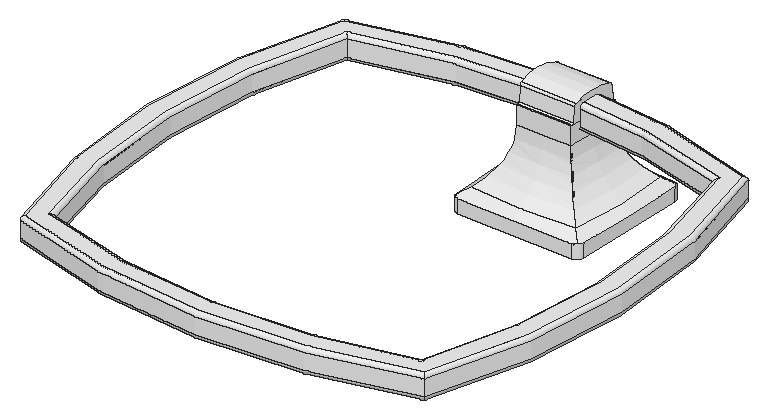
Revit family "Towel_Ring-American_Standard-Townsend-7353190_Series", category Specialty Equipment, host Face, Revit 2019
Family settings
  Host = Face
  Round Connector Dimension = Use Diameter
  Part Type = Normal
  OmniClass Number = 23.40.20.21.27
  OmniClass Title = Towel Bars
  Cut with Voids When Loaded = No
  Shared = Yes
  Room Calculation Point = No
Parameters (values of type "7353190.002")
  Width = 1 3/4"
  Warranty Information = "Limited lifetime warranty"
  URL = "https://www.americanstandard-us.com/"
  Type Comments = ""
  Revised Date = "02/19/2024"  # constant formula
  Product Page URL = "https://www.americanstandard-us.com/Towel-Rings/Townsend-Towel-Ring/CHROME-7353190002"
  Product Documentation Link = "https://lixil.cdn.celum.cloud/166535_spec_7353190_Townsend_towel_ring_original.pdf"
  Model = "7353190.002"
  Material = "Metal-American Standard-002-Polished Chrome"
  Manufacturer = "American Standard"  # constant formula
  Length = 6 7/8"
  Installation Type = "Wall Mounted"  # constant formula
  Installation Instruction Link = "https://lixil.cdn.celum.cloud/167911_as_us_bath_install__7353%20(5031)_original.pdf"
  Height = 8 1/8"
  Finish = Metal-American Standard-002-Polished Chrome
  Description = "Townsend® Towel Ring"
  Default Elevation = 48"  # constant formula
  Creation Date = "04/27/2023"  # constant formula
  Assembly Code = "C1030200"
Types (7): name | Product Page URL | Model | Material | Finish
  (no name) | "https://www.americanstandard-us.com/Towel-Rings/Townsend-Towel-Ring/CHROME-7353190002" | "7353190.002" | "Metal-American Standard-002-Polished Chrome" | Metal-American Standard-002-Polished Chrome
  7353190.002 | "https://www.americanstandard-us.com/Towel-Rings/Townsend-Towel-Ring/CHROME-7353190002" | "7353190.002" | "Metal-American Standard-002-Polished Chrome" | Metal-American Standard-002-Polished Chrome
  7353190.243 | "https://www.americanstandard-us.com/Towel-Rings/Townsend-Towel-Ring/MATTE-BLACK-7353190243" | "7353190.243" | "Metal-American Standard-243-Matte Black" | Metal-American Standard-243-Matte Black
  7353190.013 | "https://www.americanstandard-us.com/Towel-Rings/Townsend-Towel-Ring/POLISHED-NICKEL-7353190013" | "7353190.013" | "Metal-American Standard-013-Polished Nickel" | Metal-American Standard-013-Polished Nickel
  7353190.295 | "https://www.americanstandard-us.com/Towel-Rings/Townsend-Towel-Ring/BRUSHED-NICKEL-7353190295" | "7353190.295" | "Metal-American Standard-295-Brushed Nickel" | Metal-American Standard-295-Brushed Nickel
  7353190.278 | "https://www.americanstandard-us.com/Towel-Rings/Townsend-Towel-Ring/LEGACY-BRONZE-7353190278" | "7353190.278" | "Metal-American Standard-278-Legacy Bronze" | Metal-American Standard-278-Legacy Bronze
  7353190.GN0 | "https://www.americanstandard-us.com/towel-rings/townsend-towel-ring/grohe-brushed-cool-sunrise-7353190gn0" | "7353190.GN0" | "Metal-American Standard-GN0-Brushed Cool Sunrise" | Metal-American Standard-GN0-Brushed Cool Sunrise
Reference planes (in)
  plane 1 "Center (Front/Back)": y = 0
  plane 2: z = 0
  plane 3 "Center (Left/Right)": x = -0.00133
  plane 4: z = 1.75
  plane 5: x = -3.43883
  plane 6: x = 3.43617
  plane 7: y = -0.0625
  plane 8: x = -1.00133
  plane 9: x = 0.99867
  plane 10: y = 1
  plane 11: y = -1
  plane 12: y = -7.125
Forms (in)
  Sweep 1, solid, material "Metal-American Standard-002-Polished Chrome" <- "Finish"
    path origin (0, 0, 0) x (1, 0, 0) y (0, 1, 0)
      loop
        arc (-0.93565, 0.93432) -> (-1.00133, 0) -> (-0.93565, -0.93432) r 6.67842
        arc (-0.93565, -0.93432) -> (-0.00133, -1) -> (0.93299, -0.93432) r 6.67842
        arc (0.93299, -0.93432) -> (0.99867, 0) -> (0.93299, 0.93432) r 6.67842
        arc (0.93299, 0.93432) -> (-0.00133, 1) -> (-0.93565, 0.93432) r 6.67842
    profile origin (-0.00133, 1, 0) x (0, 1, 0) y (0, 0, 1)
      loop
        line (0.14844, 0) -> (0.14844, 0.08057)
        arc (0.14844, 0.08057) -> (0.14043, 0.11329) -> (0.11822, 0.13862) r 0.07087
        line (0.11822, 0.13862) -> (-0.14438, 0.32249)
        arc (-0.14438, 0.32249) -> (-0.45781, 0.67989) -> (-0.5708, 1.14164) r 1
        line (-0.5708, 1.14164) -> (-0.5708, 1.41612) -> (-0.84775, 1.41612) -> (-0.84775, 0) -> (0.14844, 0)
  Extrusion 2, solid, material "Metal-American Standard-002-Polished Chrome" <- "Finish"
    sketch origin (-0.00133, 11.47935, 0) x (0, 1, 0) y (0, 0, 1)
      loop
        line (-11.87074, 1.41612) -> (-11.08132, 1.41612)
        arc (-11.08132, 1.41612) -> (-11.09648, 1.42194) -> (-11.10385, 1.43641) r 0.02265
        line (-11.10385, 1.43641) -> (-11.12571, 1.64436)
        arc (-11.12571, 1.64436) -> (-11.13453, 1.66733) -> (-11.15367, 1.6828) r 0.04749
        arc (-11.15367, 1.6828) -> (-11.47616, 1.75107) -> (-11.79858, 1.68251) r 0.79415
        arc (-11.79858, 1.68251) -> (-11.81721, 1.66743) -> (-11.8258, 1.64505) r 0.0463
        line (-11.8258, 1.64505) -> (-11.84768, 1.43688)
        arc (-11.84768, 1.43688) -> (-11.85523, 1.42208) -> (-11.87074, 1.41612) r 0.02318
    from -0.45616 to 0.46067
  Sweep 3, solid, material "Metal-American Standard-002-Polished Chrome" <- "Finish"
    path origin (0, -0.11364, 0) x (1, 0, 0) y (0, 1, 0)
      loop
        arc (-2.81924, -0.56354) -> (-3.28679, -3.37137) -> (-2.81924, -6.17921) r 8.66484
        arc (-2.81924, -6.17921) -> (-0.00133, -6.63621) -> (2.81659, -6.17921) r 8.91619
        arc (2.81659, -6.17921) -> (3.28414, -3.37137) -> (2.81659, -0.56354) r 8.66484
        arc (2.81659, -0.56354) -> (-0.00133, -0.10654) -> (-2.81924, -0.56354) r 8.91619
    profile origin (-3.28679, -3.48502, 0) x (1, 0, 0) y (0, 0, 1)
      loop
        arc (-0.0625, 1.27536) -> (-0.01831, 1.29366) -> (0, 1.33786) r 0.0625
        line (0, 1.33786) -> (0, 1.58786)
        arc (0, 1.58786) -> (-0.01831, 1.63205) -> (-0.0625, 1.65036) r 0.0625
        line (-0.0625, 1.65036) -> (-0.3125, 1.65036)
        arc (-0.3125, 1.65036) -> (-0.35669, 1.63205) -> (-0.375, 1.58786) r 0.0625
        line (-0.375, 1.58786) -> (-0.375, 1.33786)
        arc (-0.375, 1.33786) -> (-0.35669, 1.29366) -> (-0.3125, 1.27536) r 0.0625
        line (-0.3125, 1.27536) -> (-0.0625, 1.27536)
  Extrusion 4, void
    sketch origin (0, 0, 0) x (1, 0, 0) y (0, 1, 0)
      loop
        arc (-0.4164, -0.41508) -> (-0.00133, -0.4292) -> (0.41375, -0.41508) r 6.10762
        arc (0.41375, -0.41508) -> (0.42787, 0) -> (0.41375, 0.41508) r 6.10762
        arc (0.41375, 0.41508) -> (-0.00133, 0.4292) -> (-0.4164, 0.41508) r 6.10762
        arc (-0.4164, 0.41508) -> (-0.43053, 0) -> (-0.4164, -0.41508) r 6.10762
      loop
        line (-0.5572, -0.52664) -> (0.51143, -0.52664) -> (0.51143, 0.47336) -> (-0.5572, 0.47336) -> (-0.5572, -0.52664)
    from 1.41612 to 1.80737
  Extrusion 5, void
    sketch origin (0, 0, 0) x (1, 0, 0) y (0, 1, 0)
      loop
        line (-1.16533, 1.17215) -> (-1.16533, -1.19866) -> (1.16268, -1.19866) -> (1.16268, 1.17215) -> (-1.16533, 1.17215)
      loop
        arc (-0.87964, 0.9729) -> (-0.94529, 0.94331) -> (-0.97483, 0.87764) r 0.10157
        arc (-0.97483, 0.87764) -> (-1.00133, 0) -> (-0.97483, -0.87765) r 14.54447
        arc (-0.97483, -0.87765) -> (-0.94529, -0.94331) -> (-0.87965, -0.9729) r 0.10156
        arc (-0.87965, -0.9729) -> (-0.00145, -1) -> (0.87679, -0.97403) r 14.54447
        arc (0.87679, -0.97403) -> (0.94252, -0.94449) -> (0.9721, -0.87878) r 0.10156
        arc (0.9721, -0.87878) -> (0.99867, 0) -> (0.9721, 0.87878) r 14.54447
        arc (0.9721, 0.87878) -> (0.94252, 0.94449) -> (0.87679, 0.97403) r 0.10156
        arc (0.87679, 0.97403) -> (-0.00144, 1) -> (-0.87964, 0.9729) r 14.54447
    from 0 to 0.38206
Cuts and joins
  Extrusion 5 cuts Sweep 1
  Extrusion 4 cuts Extrusion 2
  joined: Sweep 1, Extrusion 2
Lines and regions (in)
  Masking region 1
    outline origin (0, 0, 0) x (1, 0, 0) y (0, 0, 1)
      loop
        line (-1.00133, 0) -> (0.99868, 0) -> (0.99868, 0.22139)
        arc (0.99868, 0.22139) -> (0.58178, 0.60944) -> (0.42781, 1.15779) r 1.05343
        line (0.42781, 1.15779) -> (0.42781, 1.2745) -> (3.5962, 1.2745)
        arc (3.5962, 1.2745) -> (3.64016, 1.29271) -> (3.65837, 1.33667) r 0.06217
        line (3.65837, 1.33667) -> (3.65837, 1.58931)
        arc (3.65837, 1.58931) -> (3.64048, 1.63249) -> (3.59729, 1.65038) r 0.06108
        line (3.59729, 1.65038) -> (0.42781, 1.65038) -> (0.42781, 1.75106) -> (-0.43046, 1.75106) -> (-0.43046, 1.65038) -> (-3.59994, 1.65038)
        arc (-3.59994, 1.65038) -> (-3.64313, 1.63249) -> (-3.66102, 1.58931) r 0.06108
        line (-3.66102, 1.58931) -> (-3.66102, 1.33667)
        arc (-3.66102, 1.33667) -> (-3.64281, 1.29271) -> (-3.59885, 1.2745) r 0.06217
        line (-3.59885, 1.2745) -> (-0.43046, 1.2745) -> (-0.43046, 1.15942)
        arc (-0.43046, 1.15942) -> (-0.5844, 0.61038) -> (-1.00133, 0.22139) r 1.05611
        line (-1.00133, 0.22139) -> (-1.00133, 0)
  symbolic lines, detail levels medium+fine
    curve 1: line (3.1097, 0, 1.33397) -> (3.1097, 0, 1.59144)
    curve 2: spline (3.1097, 0, 1.59144) -> (3.10869, 0, 1.59959) -> (3.10696, 0, 1.6075) -> (3.10455, 0, 1.61503) -> (3.10148, 0, 1.62207) -> (3.09781, 0, 1.6285) -> (3.09359, 0, 1.63423) -> (3.0889, 0, 1.63917) -> (3.0838, 0, 1.64323) -> (3.07838, 0, 1.64636) -> (3.07272, 0, 1.6485) -> (3.0669, 0, 1.64962) -> (3.06103, 0, 1.64971)
    curve 3: spline (3.06105, 0, 1.27571) -> (3.06687, 0, 1.2758) -> (3.07264, 0, 1.27692) -> (3.07827, 0, 1.27906) -> (3.08367, 0, 1.28218) -> (3.08875, 0, 1.28625) -> (3.09344, 0, 1.29118) -> (3.09766, 0, 1.29691) -> (3.10134, 0, 1.30334) -> (3.10443, 0, 1.31038) -> (3.10688, 0, 1.31791) -> (3.10864, 0, 1.32581) -> (3.1097, 0, 1.33397)
    curve 4: line (-3.11235, 0, 1.33396) -> (-3.11235, 0, 1.59206)
    curve 5: spline (-3.11235, 0, 1.59206) -> (-3.11132, 0, 1.60018) -> (-3.10957, 0, 1.60805) -> (-3.10714, 0, 1.61554) -> (-3.10406, 0, 1.62254) -> (-3.10039, 0, 1.62894) -> (-3.09618, 0, 1.63464) -> (-3.09149, 0, 1.63954) -> (-3.08641, 0, 1.64358) -> (-3.081, 0, 1.64668) -> (-3.07536, 0, 1.64881) -> (-3.06956, 0, 1.64992) -> (-3.06371, 0, 1.65)
    curve 6: spline (-3.06372, 0, 1.27571) -> (-3.06954, 0, 1.2758) -> (-3.07531, 0, 1.27692) -> (-3.08093, 0, 1.27906) -> (-3.08633, 0, 1.28218) -> (-3.09141, 0, 1.28625) -> (-3.0961, 0, 1.29118) -> (-3.10032, 0, 1.29691) -> (-3.104, 0, 1.30334) -> (-3.10708, 0, 1.31038) -> (-3.10953, 0, 1.31791) -> (-3.1113, 0, 1.32581) -> (-3.11235, 0, 1.33396)
  symbolic lines, detail levels fine
    curve 7: line (-0.43046, 0, 1.41612) -> (0.42781, 0, 1.41612)
    curve 8: line (3.1097, 0, 1.33397) -> (3.1097, 0, 1.59144)
    curve 9: spline (3.1097, 0, 1.59144) -> (3.10883, 0, 1.59979) -> (3.10721, 0, 1.60791) -> (3.10487, 0, 1.61567) -> (3.10185, 0, 1.62293) -> (3.0982, 0, 1.62958) -> (3.09397, 0, 1.63552) -> (3.08925, 0, 1.64063) -> (3.0841, 0, 1.64485) -> (3.0786, 0, 1.6481) -> (3.07286, 0, 1.65033) -> (3.06695, 0, 1.6515) -> (3.06098, 0, 1.6516)
    curve 10: spline (3.06104, 0, 1.27571) -> (3.06709, 0, 1.27582) -> (3.07308, 0, 1.27705) -> (3.0789, 0, 1.27937) -> (3.08447, 0, 1.28276) -> (3.08968, 0, 1.28714) -> (3.09445, 0, 1.29245) -> (3.0987, 0, 1.2986) -> (3.10235, 0, 1.30548) -> (3.10534, 0, 1.31297) -> (3.10763, 0, 1.32096) -> (3.10916, 0, 1.32929) -> (3.10992, 0, 1.33784)
    curve 11: line (-3.11235, 0, 1.33396) -> (-3.11235, 0, 1.59206)
    curve 12: spline (-3.06371, 0, 1.27571) -> (-3.06979, 0, 1.27582) -> (-3.0758, 0, 1.27705) -> (-3.08165, 0, 1.27937) -> (-3.08723, 0, 1.28276) -> (-3.09245, 0, 1.28714) -> (-3.09722, 0, 1.29245) -> (-3.10146, 0, 1.2986) -> (-3.10511, 0, 1.30548) -> (-3.10809, 0, 1.31297) -> (-3.11035, 0, 1.32096) -> (-3.11187, 0, 1.32929) -> (-3.1126, 0, 1.33784)
    curve 13: spline (-3.1126, 0, 1.58788) -> (-3.11182, 0, 1.59642) -> (-3.11026, 0, 1.60476) -> (-3.10796, 0, 1.61274) -> (-3.10496, 0, 1.62023) -> (-3.1013, 0, 1.62711) -> (-3.09706, 0, 1.63326) -> (-3.09229, 0, 1.63857) -> (-3.08708, 0, 1.64296) -> (-3.08152, 0, 1.64634) -> (-3.07571, 0, 1.64867) -> (-3.06974, 0, 1.64989) -> (-3.06372, 0, 1.65)
    curve 14: line (0.42781, 0, 1.65038) -> (0.42781, 0, 1.2745)
    curve 15: line (-0.43046, 0, 1.65038) -> (-0.43046, 0, 1.2745)
    curve 16: line (0.99868, 0, 0.22139) -> (-1.00134, 0, 0.22139)
Dimensions and locks (in)
  "Width": plane 4 to plane 2
  host face to plane 4 = 1 3/4"
  plane 4 to host face = 1 3/4"  (x2)
  equal spacing: plane 5, plane 3 "Center (Left/Right)", plane 6
  "Length": plane 5 to plane 6
  equal spacing: plane 8, plane 3 "Center (Left/Right)", plane 9
  plane 8 to plane 9 = 2"
  equal spacing: plane 11, plane 1 "Center (Front/Back)", plane 10
  plane 10 to plane 11 = 2"
  "Height": plane 10 to plane 12
  plane 7 to plane 12 = 7 1/16"
  aligned and locked: plane 2 to host face
  aligned and locked: level to host face
  aligned and locked: cut or joined group of Sweep 1, Extrusion 2, Extrusion 4, Extrusion 5 to Masking region 1 sketch curve  (x2)
  aligned and locked: curve 7 to cut or joined group of Sweep 1, Extrusion 2, Extrusion 4, Extrusion 5
  aligned and locked: curve 8 to Sweep 3
Automatic sketch dimensions
  host sketch curve to host sketch curve = 96"  (x2)
  plane 1 "Center (Front/Back)" to Sweep 1 sketch curve = 0"  (x2)
  Sweep 1 sketch curve to plane 3 "Center (Left/Right)" = 0"  (x2)
  Sweep 1 sketch curve to plane 5 = 2.24092"
  Sweep 1 sketch curve to plane 6 = 2.24092"
  plane 12 to Sweep 1 sketch curve = 1.44658"
  plane 10 to Sweep 1 sketch curve = 4.67842"
  plane 8 to Sweep 1 sketch curve = 0.06568"  (x2)
  plane 9 to Sweep 1 sketch curve = 0.06568"
  Sweep 1 sketch curve to plane 11 = 0.06568"
  Sweep 3 sketch curve to plane 3 "Center (Left/Right)" = 0"  (x2)
  Sweep 3 sketch curve to plane 5 = 1.94187"
  Sweep 3 sketch curve to plane 6 = 1.94187"
  Sweep 3 sketch curve to plane 12 = 2.01136"
  plane 11 to Sweep 3 sketch curve = 2.48502"  (x2)
  plane 10 to Sweep 3 sketch curve = 1.16633"
  plane 5 to Sweep 3 sketch curve = 0.61959"
  Sweep 3 sketch curve to plane 11 = 0.32282"  (x2)
  Sweep 3 sketch curve to plane 3 "Center (Left/Right)" = 2.81791"
  profile plane to Sweep 3 sketch curve = 0"
  Sweep 3 sketch curve to Sweep 3 sketch curve = 1/16"  (x2)
  profile plane to Sweep 3 sketch curve = 1/16"
  Sweep 3 sketch curve to Sweep 3 sketch curve = 1/4"  (x2)
  Sweep 3 sketch curve to Sweep 3 sketch curve = 0"
  profile plane to Sweep 3 sketch curve = 1.27536"
  Sweep 1 sketch curve to level = 0"
  Sweep 1 sketch curve to profile plane = 19/128"
  Sweep 1 sketch curve to profile plane = 0.11822"
  Sweep 1 sketch curve to profile plane = 0.07757"
  Sweep 1 sketch curve to Sweep 1 sketch curve = 0.2626"
  profile plane to Sweep 1 sketch curve = 0.5708"
  Sweep 1 sketch curve to Sweep 1 sketch curve = 0.27695"
  Sweep 1 sketch curve to profile plane = 0.4292"
  level to Sweep 1 sketch curve = 0.08057"
  Sweep 1 sketch curve to Sweep 1 sketch curve = 0.18387"
  Sweep 1 sketch curve to Sweep 1 sketch curve = 0.27448"
  Extrusion 2 sketch curve to plane 7 = 0.32889"
  Extrusion 2 sketch curve to Extrusion 2 sketch curve = 0.02306"
  plane 4 to Extrusion 2 sketch curve = 0.10495"
  Extrusion 2 sketch curve to Extrusion 2 sketch curve = 0.02188"
  Extrusion 2 sketch curve to Extrusion 2 sketch curve = 0.04605"
  Extrusion 2 sketch curve to plane 1 "Center (Front/Back)" = 0.00356"
  plane 4 to Extrusion 2 sketch curve = 0.1106"
  Extrusion 2 sketch curve to plane 1 "Center (Front/Back)" = 0.30642"
  plane 4 to Extrusion 2 sketch curve = 0.10564"
  Extrusion 2 sketch curve to Extrusion 2 sketch curve = 0.04723"
  Extrusion 2 sketch curve to Extrusion 2 sketch curve = 0.02186"
  Extrusion 2 sketch curve to Extrusion 2 sketch curve = 0.02253"
  Extrusion 2 sketch curve to Extrusion 2 sketch curve = 0.20574"
  Extrusion 2 sketch curve to Extrusion 2 sketch curve = 0.20559"
  Extrusion 2 sketch curve to Extrusion 2 sketch curve = 0.00242"
  Extrusion 2 sketch curve to Extrusion 2 sketch curve = 0.00237"
  Extrusion 2 sketch curve to Extrusion 2 sketch curve = 0.4592"
  Extrusion 2 sketch curve to Extrusion 2 sketch curve = 0.00484"
  Extrusion 2 sketch curve to Extrusion 2 sketch curve = 0"  (x4)
  plane 1 "Center (Front/Back)" to Extrusion 4 sketch curve = 0"  (x2)
  Extrusion 4 sketch curve to plane 3 "Center (Left/Right)" = 0"  (x2)
  plane 8 to Extrusion 4 sketch curve = 0.44413"
  Extrusion 4 sketch curve to plane 5 = 2.24092"
  plane 9 to Extrusion 4 sketch curve = 0.48724"
  Extrusion 4 sketch curve to plane 6 = 2.24092"
  Extrusion 4 sketch curve to plane 7 = 0.46414"
  plane 12 to Extrusion 4 sketch curve = 1.44658"
  Extrusion 4 sketch curve to plane 1 "Center (Front/Back)" = 0.47336"
  plane 10 to Extrusion 4 sketch curve = 4.67842"
  Extrusion 4 sketch curve to Extrusion 4 sketch curve = 0.14079"  (x2)
  Extrusion 4 sketch curve to Extrusion 4 sketch curve = 0.09768"
  Extrusion 4 sketch curve to Extrusion 4 sketch curve = 0.11156"
  plane 1 "Center (Front/Back)" to Extrusion 5 sketch curve = 0"  (x2)
  Extrusion 5 sketch curve to plane 5 = 10.10697"
  Extrusion 5 sketch curve to plane 8 = 0.16401"
  plane 8 to Extrusion 5 sketch curve = 0.12788"  (x2)
  plane 3 "Center (Left/Right)" to Extrusion 5 sketch curve = 0.00925"  (x2)
  plane 9 to Extrusion 5 sketch curve = 0.12795"  (x2)
  Extrusion 5 sketch curve to plane 9 = 0.16401"
  Extrusion 5 sketch curve to plane 6 = 10.10697"
  Extrusion 5 sketch curve to plane 11 = 0.12735"
  Extrusion 5 sketch curve to plane 11 = 0.12848"
  plane 11 to Extrusion 5 sketch curve = 0.19866"
  Extrusion 5 sketch curve to plane 12 = 6.41947"
  Extrusion 5 sketch curve to plane 10 = 0.12849"
  Extrusion 5 sketch curve to plane 10 = 0.12735"
  plane 10 to Extrusion 5 sketch curve = 0.17215"
  Extrusion 5 sketch curve to Extrusion 5 sketch curve = 12.37232"
  plane 8 to Extrusion 5 sketch curve = 0.0265"
  Extrusion 5 sketch curve to Extrusion 5 sketch curve = 0"  (x7)
  Masking region 1 sketch curve to plane 5 = 0.22219"
  Masking region 1 sketch curve to Masking region 1 sketch curve = 0.06108"
  Masking region 1 sketch curve to Masking region 1 sketch curve = 0.06217"  (x2)
  Masking region 1 sketch curve to plane 8 = 0.48524"
  Masking region 1 sketch curve to plane 8 = 0"
  Masking region 1 sketch curve to plane 3 "Center (Left/Right)" = 0.42913"  (x2)
  Masking region 1 sketch curve to plane 4 = 0.00106"
  plane 3 "Center (Left/Right)" to Masking region 1 sketch curve = 0.42913"  (x2)
  Masking region 1 sketch curve to plane 9 = 0"
  Masking region 1 sketch curve to plane 9 = 0.48257"
  Masking region 1 sketch curve to plane 6 = 0.16002"
  Masking region 1 sketch curve to plane 6 = 0.16112"
  Masking region 1 sketch curve to Masking region 1 sketch curve = 0.22139"
  plane 4 to Masking region 1 sketch curve = 0.16069"  (x2)
  Masking region 1 sketch curve to Masking region 1 sketch curve = 0.37588"  (x2)
  plane 5 to curve 11 = 0.32647"
  plane 4 to curve 8 = 0.41603"
  plane 4 to curve 4 = 0.41604"
  plane 4 to curve 1 = 0.15856"
  plane 4 to curve 11 = 0.15794"
  curve 2 to curve 1 = 0.0459"
  curve 9 to curve 2 = 0.00005"  (x3)
  curve 3 to curve 3 = 0.0461"
  curve 10 to curve 3 = 0"  (x3)
  curve 3 to curve 3 = 0.00022"
  curve 2 to curve 9 = 0.04652"
  curve 3 to curve 10 = 0.00232"
  curve 2 to curve 2 = 0.00277"
  curve 16 to plane 9 = 0"
  plane 3 "Center (Left/Right)" to curve 14 = 0.42913"
  curve 15 to plane 3 "Center (Left/Right)" = 0.42913"
  curve 16 to plane 8 = 0"
  curve 4 to curve 5 = 0.04864"
  curve 6 to curve 12 = 0.04864"
  curve 6 to curve 12 = 0"
  curve 13 to curve 5 = 0"  (x2)
  curve 13 to curve 13 = 0.00213"
  curve 5 to curve 5 = 0.04649"
  curve 6 to curve 6 = 0.00233"
  curve 4 to curve 12 = 0.0463"
  curve 6 to curve 12 = 0.00022"
  curve 12 to curve 6 = 0.00023"
  curve 13 to curve 5 = 0.00059"
  curve 5 to curve 13 = 0.00063"
  curve 13 to curve 5 = 0.00025"
  curve 12 to curve 4 = 0.00025"
  curve 1 to curve 10 = 0.00022"
  curve 4 to curve 6 = 0.00774"
  curve 12 to curve 6 = 0"
  curve 3 to curve 10 = 0.00774"
  curve 3 to curve 10 = 0"
  curve 4 to curve 12 = 0.00387"
  curve 1 to curve 10 = 0.00387"
  curve 14 to curve 7 = 0.14162"
  curve 15 to curve 7 = 0.14162"
  level to curve 16 = 0.22139"
  curve 2 to curve 9 = 0.00769"
  curve 5 to curve 5 = 0.00805"
  curve 2 to curve 9 = 0.00176"
  curve 13 to curve 5 = 0.00418"
  plane 4 to curve 15 = 0.09962"
  plane 4 to curve 14 = 0.09962"
